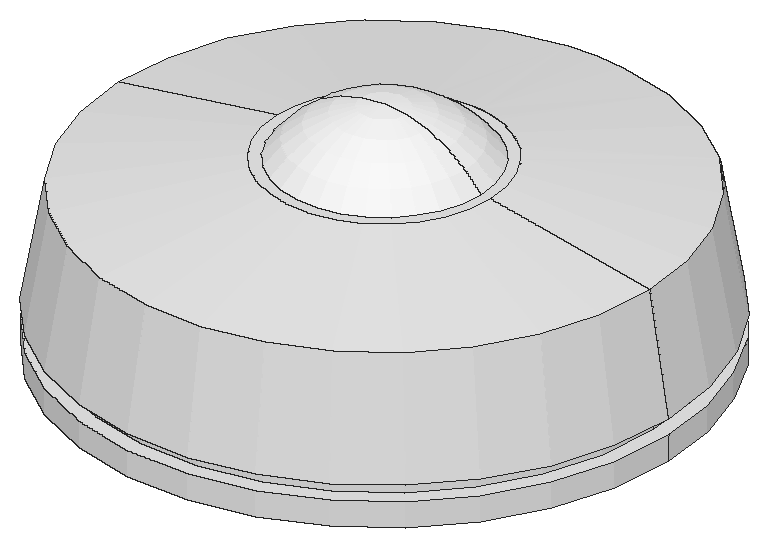
Revit family "Sensor-Lutron-Vive_PowPak_Sensor_Fixture", category Lighting Devices, host Face, Revit 2017
Family settings
  Host = Face
  Maintain Annotation Orientation = No
  Round Connector Dimension = Use Radius
  Part Type = Normal
  OmniClass Number = 23.85.80.11.27
  OmniClass Title = Lighting Controls
  Cut with Voids When Loaded = No
  Shared = No
  Room Calculation Point = No
Parameters (values of type "FC-VSENSOR")
  Warranty URL = "http://www.lutron.com/en-US/Service-Support/Pages/Service/Warranty/Warranty.aspx"
  Voltage = 12 V
  Video Link = "https://www.youtube.com/user/LutronElectronicsInc"
  Version = "2017 - v1.0b"  # constant formula
  URL = "http://www.lutron.com"
  Type Comments = ""
  Top Cover Side Flange Angle = 80.001°
  Top Cover Flange Angle = 170.61°
  Support Phone = "(224) 699-9545"  # constant formula
  Support Email = "mailto: support@anguleris.com"
  Series = "Vive"
  Sensor Sphere Radius = if(0 = 0, Sensor Sphere Diameter / 2, 0' 0")  # 0' - 0.254"
  Sensor Sphere Offset = if(0 = 0, Overall Width * 0.192, 0' 0")  # 0' - 0.1248"
  Sensor Sphere Diameter = 0' - 0.508"
  Sensor Material = Plastic - Lutron - White
  Sensor Body Radius = Overall Depth / 2  # 0' - 0 3/4"
  Range Diagram [instance] = no
  Product Page URL = "http://www.lutron.com/en-US/Products/Pages/WholeBuildingSystems/Vive/Overview.aspx"
  Product Name = "PowPak Fixture Sensor"
  Product Documentation Link = "http://www.lutron.com/TechnicalDocumentLibrary/369918_ENG.pdf"
  Performance URL = "http://www.lutron.com/en-US/Service-Support/Pages/Technical/PerfomanceSpecs.aspx"
  Overall Width = 0' - 0.65"
  Overall Depth = 0' - 1 1/2"
  Model = "FC-VSENSOR"
  Minor Motion Coverage Visibility [instance] = and(Range Diagram, Minor Motion Coverage)  # no
  Minor Motion Coverage Radius = 6' - 10.801"
  Minor Motion Coverage [instance] = not(Major Motion Coverage)  # no
  Minimum Operating Temperature = 32 °F
  Minimum Coverage = 150.00 SF
  Minimum Ceiling Height [instance] = 8' - 0"
  Maximum Operating Temperature = 104 °F
  Maximum Coverage = 300.00 SF
  Maximum Ceiling Height [instance] = 12' - 0"
  Manufacturer Phone Number = "610-282-3800"  # constant formula
  Manufacturer Fax Number = "610-282-1243"  # constant formula
  Manufacturer Email = "mailto:support@lutron.com"
  Manufacturer Address = "7200 Suter Rd, Coopersburg, PA 18036"  # constant formula
  Manufacturer = "Lutron Electronics Co., Inc"  # constant formula
  Major Motion Coverage Visibility [instance] = and(Range Diagram, Major Motion Coverage)  # no
  Major Motion Coverage Radius = 9' - 9.602"
  Major Motion Coverage [instance] = yes
  Light Level = 150 fc
  Label = "VS"
  Keynote = ""
  Instruction Sheet Link = "http://www.lutron.com/TechnicalDocumentLibrary/041490.pdf"
  Coverage Radius Offset [instance] = if(Minor Motion Coverage, Minor Motion Coverage Radius, Major Motion Coverage Radius)  # 9' - 9.602"
  Cover Gap = 0' - 0.039"
  Field of View = 360.00°
  Description = "PowPak Fixture Sensor"
  Default Elevation = 0' - 0"
  Current = 25 mA
  Cost Info = "mailto:sales@lutron.com"
  Cost = 0
  Copyright = "© 2019 Lutron Electronics Co., Inc."  # constant formula
  Base Cover Flange Angle = 156.801°
  Assembly Code = "D5030800"
Types (2): name | Model | Label
  FC-SENSOR | "FC-SENSOR" | "FS"
  FC-VSENSOR | "FC-VSENSOR" | "VS"
Reference planes (in)
  plane 1 "Center (Front/Back)": y = 0
  plane 2: z = 0
  plane 3 "Center (Left/Right)": x = 0
  plane 4: y = 0.75
  plane 5: y = -0.75
  plane 6: x = -0.75
  plane 7: x = 0.75
  plane 8: z = 0.5252
  plane 9: z = 0.65
  plane 10: x = -0.254
Forms (in)
  Sweep 1, solid, material "Plastic - Lutron - White" <- "Sensor Material"
    path origin (0, 0, 0) x (1, 0, 0) y (0, 0, 1)
      loop
        line (0, 0) -> (0, 0.5252)
    profile "Profile-Sensor OR : Sensor OR Profile" origin (0, 0, 0.2626) x (-1, 0, 0) y (0, -1, 0)
      loop
        circle (0, 0) r 0.75
  Sweep 2, void
    path origin (0, 0, 0) x (1, 0, 0) y (0, 1, 0)
      loop
        circle (0, 0) r 0.75
    profile "Profile-Sensor : Sensor Profile" origin (0, 0.75, 0) x (0, -1, 0) y (0, 0, 1)
      loop
        line (0, 0.17095) -> (0.05028, 0.45612) -> (0.468, 0.5252) -> (0.468, 0.97266) -> (-0.75, 0.97266) -> (-0.75, -0.32422) -> (0.165, -0.32422) -> (0.165, 0) -> (0, 0.07072) -> (0, 0.13195) -> (0.039, 0.13195) -> (0.039, 0.17095) -> (0, 0.17095)
  Revolve 3, solid, material "Plastic - Lutron - Clear"
    sketch origin (0, 0, 0) x (1, 0, 0) y (0, 0, 1)
      loop
        line (-0.254, 0.5252) -> (0, 0.5252) -> (0, 0.65)
        arc (0, 0.65) -> (-0.1415, 0.61711) -> (-0.254, 0.5252) r 0.32088
      axis (0, 0.5252) -> (0, 0.65)
    angle from 0 to 360
  Sweep 4, solid, material "Infrared Motion Detection", visible <- "Range Diagram"
    path origin (0, 0, 0) x (1, 0, 0) y (0, 0, 1)
      loop
        line (0, 0) -> (0, 0.65)
    profile origin (0, 0, 0.325) x (-1, 0, 0) y (0, -1, 0)
      loop
        circle (0, 0) r 117.602
Cuts and joins
  Sweep 2 cuts Sweep 1
Lines and regions (in)
  Masking region 1, detail levels fine
    outline origin (0, 0, 0) x (1, 0, 0) y (0, 1, 0)
      loop
        circle (0, 0) r 0.75
  symbolic lines, detail levels fine
    curve 1: circle (0, 0, 0) r 0.75027 normal (0, 0, 1)
Dimensions and locks (in)
  equal spacing: plane 4, plane 1 "Center (Front/Back)", plane 5
  equal spacing: plane 6, plane 3 "Center (Left/Right)", plane 7
  "Overall Depth": plane 4 to plane 5
  "Overall Depth": plane 6 to plane 7
  "Sensor Sphere Offset": plane 9 to plane 8
  "Overall Width": plane 9 to plane 2
  "Sensor Sphere Radius": plane 3 "Center (Left/Right)" to plane 10
  locked: plane 3 "Center (Left/Right)" to Masking region 1 sketch curve at 0
  locked: plane 1 "Center (Front/Back)" to Masking region 1 sketch curve at 0
  "Sensor Body Radius": radius of Sweep 2 sketch curve
  "Coverage Radius Offset": radius of Sweep 4 sketch curve
  "Overall Depth": diameter of Masking region 1 sketch curve
  aligned and locked: plane 2 to host face
  aligned and locked: level to host face
  aligned and locked: plane 3 "Center (Left/Right)" to Sweep 1 sketch curve
  aligned and locked: plane 2 to Sweep 1 sketch curve
  aligned and locked: plane 3 "Center (Left/Right)" to Sweep 2 sketch curve
  aligned and locked: plane 1 "Center (Front/Back)" to Sweep 2 sketch curve
  aligned and locked: plane 8 to Sweep 1 sketch curve
  aligned and locked: Revolve 3 sketch curve to cut or joined group of Sweep 1, Sweep 2
  aligned and locked: plane 9 to Revolve 3 sketch curve  (x2)
  aligned and locked: plane 3 "Center (Left/Right)" to Revolve 3 sketch curve  (x3)
  aligned and locked: plane 10 to Revolve 3 sketch curve
  aligned and locked: plane 8 to Revolve 3 sketch curve
  aligned and locked: plane 9 to Sweep 4 sketch curve
  aligned and locked: plane 3 "Center (Left/Right)" to Sweep 4 sketch curve  (x2)
  aligned and locked: plane 2 to Sweep 4 sketch curve
  aligned and locked: plane 1 "Center (Front/Back)" to Sweep 4 sketch curve
  aligned and locked: plane 1 "Center (Front/Back)" to nested 1
  aligned and locked: plane 3 "Center (Left/Right)" to nested 1
Automatic sketch dimensions
  host sketch curve to host sketch curve = 8' - 0"  (x2)
  curve 1 to plane 3 "Center (Left/Right)" = 0' - 0"
  plane 1 "Center (Front/Back)" to curve 1 = 0' - 0"
  radius of curve 1 = 0' - 0.75027"
Nested families (in)
  nested 1: "Lutron_Lighting_Sensor_FC_Way_Radio_Annotation" at (0, 0, 0), type "Lutron_Lighting_FC-OS_Annotation"
Connectors (in)
  electrical at (0, 0, 0)
    settings: on cut or joined group of Sweep 1, Sweep 2, index 1, voltage 0 V, apparent load 0 VA, apparent load phase1 0 VA, apparent load phase2 0 VA, apparent load phase3 0 VA, power factor 1, load classification "Other", number of poles 1, system type 13, power factor state 1, is connector primary yes, connector utility no, sub classification motor no, connector description "Lighting Control Connection"
Definition of nested family "Lutron_Lighting_Sensor_FC_Way_Radio_Annotation"
  Parameters (values of type "Lutron_Lighting_FC-OS_Annotation")
    Secondary Label = "OS"
    Primary Label = "FC"
  Types (2): name | Secondary Label
    Lutron_Lighting_FC-OS_Annotation | "OS"
    Lutron_Lighting_FC-VS_Annotation | "VS"
  Reference planes (in)
    plane 1: y = 0
    plane 2: x = 0
  Lines and regions (in)
    detail lines, not visible
      curve 1: line (0, 0.125, 0) -> (0, 0, 0)
    reference lines
      curve 2: line (0, 0.0625, 0) -> (-0.11983, 0.0625, 0)
      curve 3: line (0.10095, -0.04722, 0) -> (0.10095, 0.09386, 0)
      curve 4: line (0.10095, -0.04722, 0) -> (0.28349, -0.04722, 0)
      curve 5: line (0.10095, 0.04579, 0) -> (0.31014, 0.04579, 0)
    detail lines
      curve 6: circle (0.00163, 0.00203, 0) r 0.15125 normal (0, 0, 1)
  Text (in)
    label "FC" at (0.00572, 0.0569, 0), shows "Primary Label"
    label "OS" at (0.00572, -0.07451, 0), shows "Secondary Label"
  Dimensions and locks (in)
    locked: curve 4 to curve 5 at 0.09301
    locked: curve 1 to curve 3 at 0.10095
    curve 1 to curve 1 = 0' - 0 1/8"
    locked: plane 1 to curve 2 at 0.0625
    aligned and locked: curve 1 to curve 2
    aligned and locked: plane 1 to curve 1
    aligned and locked: curve 1 to plane 2
    aligned and locked: plane 2 to curve 1
